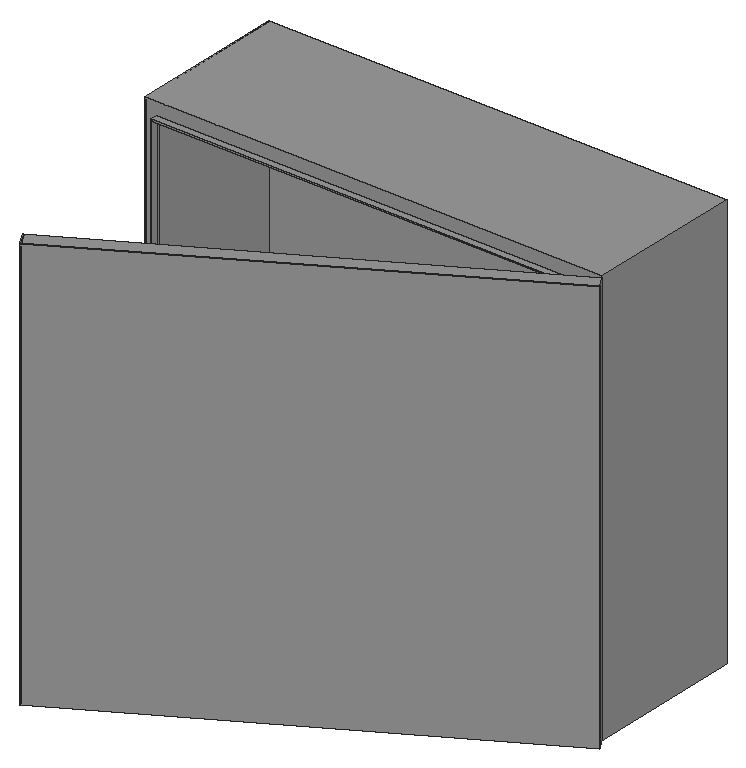
Revit family "Hager-Univers-IP44-D205-H500-Cl.II-Encl-NoHosted-FR-fr", category Electrical Equipment, Revit 2020
Family settings
  Panel Configuration = Two Columns, Circuits Across
  Round Connector Dimension = Use Diameter
  Part Type = Panelboard
  Work Plane-Based = Yes
  Always vertical = Yes
  Cut with Voids When Loaded = No
  Shared = No
  Room Calculation Point = No
Parameters (values of type "saillie IP44 L550 H500 P205  - FP32QS")
  Width Control [instance] = if([EF000008 - largeur] > Min Width, [EF000008 - largeur], Min Width)  # 550 mm
  Type Comments = [HG000003 - Gamme]  # "Univers"
  Thickness Door [instance] = if([EF009171 - épaisseur de matériau de la porte/du couvercle] > 3 mm, 3 mm, [EF009171 - épaisseur de matériau de la porte/du couvercle])  # 1 mm
  Seal Frame Offset [instance] = 17 mm  # constant formula
  Plinth Visibility [instance] = [HG000027 - Hauteur du socle] > 0 mm  # no
  Min Width [instance] = 100 mm  # constant formula
  Min Depth [instance] = (2 * [EF009170 - épaisseur de matériau du boîtier]) + 1 mm  # 3 mm
  Min Height [instance] = 100 mm  # constant formula
  Internal Frame Depth [instance] = (Door System Depth * 0.5)  # 9 mm
  Panel Name [instance] = ""  # (empty or 0)
  Model = ""
  HG000027 - Hauteur du socle = 0 mm
  HG000026 - Installation au sol = no
  HG000024 - Hauteur de la section basse = 600 mm
  HG000023 - Armoire double section = no
  HG000016 - Visibilité de la porte 3D [instance] = yes
  HG000015 - Visibilité de l'emprise de la porte [instance] = no
  HG000014 - Porte à droite [instance] = yes
  HG000013 - Porte à gauche [instance] = not([HG000014 - Porte à droite])  # no
  HG000012 - Angle de pivotement de la porte [instance] = 30.00°
  HG000010 - Portes asymétriques = no
  HG000009 - Porte à double battant = no
  HG000006 - Encastré = no
  HG000004 - Référence fabricant = "FP32QS"
  HG000003 - Gamme = "Univers"
  HG000002 - avec porte = yes
  Frame Offset Bottom [instance] = 10 mm  # constant formula
  Frame Offset [instance] = 15 mm  # constant formula
  EF015940 - couvercle avec décharge de pression = no
  EF011959 - degré de protection (NEMA) = ""
  EF009554 - nombre d'ouvertures pour plaques à bride = 4
  EF009212 - finition du couvercle = "EV000116 - fermé"
  EF009171 - épaisseur de matériau de la porte/du couvercle = 1 mm
  EF009170 - épaisseur de matériau du boîtier = 1 mm
  EF008873 - courant nominal (In) = 250 A
  EF007800 - adapté à un parafoudre = no
  EF006306 - avec serrure = no
  EF006244 - couvercle/porte transparent(e) = no
  EF005474 - indice de protection (IP) = "EV006418 - IP44"
  EF004464 - type de porte = "EV002646 - unique"
  EF004427 - nombre de modules = 72
  EF004293 - indice de protection contre les chocs (IK) = "EV006815 - IK09"
  EF003532 - convient pour utilisation à l’extérieur = no
  EF002950 - largeur en nombre de modules = 24
  EF001613 - maintien de fonction = "EV000494 - sans"
  EF001596 - matériau du boîtier/corps = "EV000179 - acier"
  EF001131 - profondeur intérieure = 143 mm
  EF001088 - possibilité de montage en saillie = yes
  EF000437 - nombre d'entrées de conduit = 4
  EF000339 - type de capot = "EV001012 - couvercle"
  EF000266 - nombre de rangées = 3
  EF000218 - profondeur d'encastrement = 0 mm
  EF000118 - avec cadre/support de montage = no
  EF000116 - numéro RAL = "9010"
  EF000049 - profondeur = 205 mm
  EF000040 - hauteur = 500 mm
  EF000008 - largeur = 550 mm
  EF000007 - couleur = "EV000202 - blanc"
  EF000003 - mode de pose = "EV000384 - saillie"
  Door System Leaf Tolerance [instance] = 1.5 mm  # constant formula
  Door System Depth [instance] = 18 mm  # constant formula
  Door Height [instance] = Height Control - [HG000027 - Hauteur du socle]  # 500 mm
  Description = ""
  Default Elevation = 1219.2 mm
  Connector Offset [instance] = Height Control / 2  # 250 mm
  Manufacturer = "Hager"  # constant formula
  Height Control [instance] = if([EF000040 - hauteur] > Min Height, [EF000040 - hauteur], Min Height)  # 500 mm
  Depth Control [instance] = if([EF000049 - profondeur] > Min Depth, [EF000049 - profondeur], Min Depth)  # 205 mm
  Bottom Top Plate Trim [instance] = 1.5 mm  # constant formula
  Plinth height Ctrl [instance] = if([HG000027 - Hauteur du socle] > 0 mm, [HG000027 - Hauteur du socle], 12 mm)  # 12 mm
Types (2, lengths in mm): name | Width Control | HG000004 - Référence fabricant | EF009554 - nombre d'ouvertures pour plaques à bride | EF004427 - nombre de modules | EF002950 - largeur en nombre de modules | EF000437 - nombre d'entrées de conduit | EF000008 - largeur
  saillie IP44 L300 H500 P205  - FP31QS | 300 | "FP31QS" | 2 | 36 | 12 | 2 | 300
  saillie IP44 L550 H500 P205  - FP32QS | 550 | "FP32QS" | 4 | 72 | 24 | 4 | 550
Reference planes
  plane 1 "Center (Front/Back)": y = 0
  plane 2: z = 0
  plane 3 "Center (Left/Right)": x = 0
  plane 4: y = 0
  plane 5: y = 0
  plane 6: z = 0
  plane 7: x = -275
  plane 8: x = 275
  plane 9: x = 274
  plane 10: x = -274
  plane 11: z = 0
  plane 12: z = 1
  plane 13: y = -205
  plane 14: y = -1
  plane 15: x = 0
  plane 16: y = -187
  plane 17: y = -204
  plane 18: y = -186
  plane 19: x = -259
  plane 20: x = 259
  plane 21: z = 11
  plane 22: x = -258
  plane 23: x = 258
  plane 24: z = 0
  plane 25: z = 500
  plane 26: z = 500
  plane 27: z = 484
  plane 28: z = 499
Forms (mm)
  Extrusion 1, solid, material "Hager_Steel_RAL7035_Light_Grey", detail levels medium+fine
    sketch origin (-208.679, -4572, 0) x (-1, 0, 0) y (0, -1, 0)
      loop
        line (66.321, -4385) -> (-483.679, -4385) -> (-483.679, -4572) -> (66.321, -4572) -> (66.321, -4385)
    from 0 to 500
  Extrusion 2, void
    sketch origin (-350.771, -205, 1219.2) x (1, 0, 0) y (0, 0, 1)
      loop
        line (76.771, -720.2) -> (76.771, -1218.2) -> (624.771, -1218.2) -> (624.771, -720.2) -> (76.771, -720.2)
    from -19 to -204
  Extrusion 3, void
    sketch origin (-290.084, -187, 1219.2) x (1, 0, 0) y (0, 0, 1)
      loop
        line (31.084, -1208.2) -> (549.084, -1208.2) -> (549.084, -735.2) -> (31.084, -735.2) -> (31.084, -1208.2)
    from 0 to -1
  Extrusion 4, solid, material "Hager_Steel_RAL7035_Light_Grey", visible <- "Plinth Visibility", detail levels medium+fine
    sketch origin (0, 0, 0) x (1, 0, 0) y (0, 1, 0)
      loop
        line (-275, 0) -> (-275, -187) -> (275, -187) -> (275, 0) -> (-275, 0)
    from 0 to 12 <- "Plinth height Ctrl"
  Extrusion 5, solid, material "Hager_Steel_RAL7035_Light_Grey", detail levels coarse
    sketch origin (0, 0, 0) x (1, 0, 0) y (0, 1, 0)
      loop
        line (-275, 0) -> (-275, -205) -> (275, -205) -> (275, 0) -> (-275, 0)
    from 0 to 500 <- "Height Control"
  Sweep 6, void
    path in 3D
      loop
        line (-275, -187, 12) -> (275, -187, 12) -> (275, 0, 12) -> (-275, 0, 12) -> (-275, -187, 12)
    profile origin (-275, -93.5, 12) x (1, 0, 0) y (0, 0, 1)
      loop
        line (0, 0) -> (0, -1.5) -> (1.5, -1.5)
        arc (1.5, -1.5) -> (1.061, -0.439) -> (0, 0) r 1.5
  Extrusion 7, solid, material "Hager_Steel_RAL7035_Light_Grey", detail levels fine
    sketch origin (-275, -187, 0) x (1, 0, 0) y (0, 0, 1)
      loop
        line (16, 11) -> (534, 11) -> (534, 484) -> (16, 484) -> (16, 11)
      loop
        line (15, 10) -> (535, 10) -> (535, 485) -> (15, 485) -> (15, 10)
    from 0 to 9 <- "Internal Frame Depth"
Cuts and joins
  Extrusion 2, Extrusion 3 cuts Extrusion 1
  Sweep 6 cuts Extrusion 4
Lines and regions (mm)
  Masking region 1
    outline origin (0, 0, 0) x (1, 0, 0) y (0, 1, 0)
      loop
        line (-275, 0) -> (-275, -205) -> (275, -205) -> (275, 0) -> (-275, 0)
  Masking region 2, detail levels coarse
    outline origin (-290.084, -187, 1219.2) x (-1, 0, 0) y (0, 0, 1)
      loop
        line (-565.084, -1219.2) -> (-15.084, -1219.2) -> (-15.084, -719.2) -> (-565.084, -719.2) -> (-565.084, -1219.2)
  Masking region 3, detail levels coarse
    outline origin (0, 0, 0) x (0, 1, 0) y (0, 0, 1)
      loop
        line (0, 0) -> (0, 500) -> (-205, 500) -> (-205, 0) -> (0, 0)
  Masking region 4, visible <- "Plinth Visibility", detail levels medium+fine
    outline origin (0, 0, 0) x (0, 1, 0) y (0, 0, 1)
      loop
        line (-1.5, 12) -> (-185.5, 12)
        arc (-185.5, 12) -> (-185.939, 10.939) -> (-187, 10.5) r 1.5
        line (-187, 10.5) -> (-187, 0) -> (0, 0) -> (0, 10.5)
        arc (0, 10.5) -> (-1.061, 10.939) -> (-1.5, 12) r 1.5
  Masking region 5, detail levels medium+fine
    outline origin (0, 0, 594.038) x (0, 1, 0) y (0, 0, 1)
      loop
        line (0, -594.038) -> (0, -94.038) -> (-187, -94.038) -> (-187, -594.038) -> (0, -594.038)
  Masking region 6, detail levels medium+fine
    outline origin (-359.7, -187, 1211.883) x (-1, 0, 0) y (0, 0, 1)
      loop
        line (-634.7, -1211.883) -> (-84.7, -1211.883) -> (-84.7, -711.883) -> (-634.7, -711.883) -> (-634.7, -1211.883)
  Masking region 7, visible <- "Plinth Visibility", detail levels medium+fine
    outline origin (-320.334, -187, 1041.368) x (-1, 0, 0) y (0, 0, 1)
      loop
        line (-595.334, -1041.368) -> (-45.334, -1041.368) -> (-45.334, -1030.868)
        arc (-45.334, -1030.868) -> (-46.394, -1030.429) -> (-46.834, -1029.368) r 1.5
        line (-46.834, -1029.368) -> (-593.834, -1029.368)
        arc (-593.834, -1029.368) -> (-594.273, -1030.429) -> (-595.334, -1030.868) r 1.5
        line (-595.334, -1030.868) -> (-595.334, -1041.368)
  sketch lines
    curve 1: line (-275, 0, 12) -> (-275, -187, 12)
    curve 2: line (-275, -187, 12) -> (275, -187, 12)
    curve 3: line (275, 0, 12) -> (-275, 0, 12)
    curve 4: line (275, -187, 12) -> (275, 0, 12)
Dimensions and locks
  locked: plane 1 "Center (Front/Back)" to plane 5
  "EF009170 - épaisseur de matériau du boîtier": plane 7 to plane 10
  "EF009170 - épaisseur de matériau du boîtier": plane 8 to plane 9
  equal spacing: plane 7, plane 3 "Center (Left/Right)", plane 8
  "Width Control": plane 7 to plane 8
  "Depth Control": plane 4 to plane 13
  "EF009170 - épaisseur de matériau du boîtier": plane 4 to plane 14
  "Height Control": plane 25 to level
  "HG000027 - Hauteur du socle": plane 11 to level
  "EF009170 - épaisseur de matériau du boîtier": plane 12 to plane 11
  "EF009170 - épaisseur de matériau du boîtier": plane 17 to plane 13
  "EF009170 - épaisseur de matériau du boîtier": plane 18 to plane 16
  "Frame Offset Bottom": plane 21 to plane 12
  "Frame Offset": plane 10 to plane 19
  "Frame Offset": plane 9 to plane 20
  "Door System Depth": plane 16 to plane 13
  "Seal Frame Offset": plane 7 to plane 22
  "Seal Frame Offset": plane 8 to plane 23
  "EF009170 - épaisseur de matériau du boîtier": plane 26 to plane 28
  "Frame Offset": plane 28 to plane 27
  "Connector Offset": plane 2 to connector elem
  "Bottom Top Plate Trim": profile plane to Sweep 6 sketch curve
  "Bottom Top Plate Trim": Sweep 6 sketch curve to Sweep 6 sketch curve
  "Plinth height Ctrl": Masking region 4 sketch curve to level
  "Plinth height Ctrl": Masking region 7 sketch curve to level
  "Thickness Door": Extrusion 7 sketch curve to Extrusion 7 sketch curve  (x4)
  "Bottom Top Plate Trim": radius of Sweep 6 sketch curve
  "Bottom Top Plate Trim": radius of Masking region 4 sketch curve  (x2)
  "Bottom Top Plate Trim": radius of Masking region 7 sketch curve  (x2)
  aligned and locked: Extrusion 2 sketch curve to plane 12
  aligned and locked: Extrusion 2 sketch curve to plane 9
  aligned and locked: Extrusion 2 sketch curve to plane 10
  aligned and locked: plane 14 to Extrusion 2
  aligned and locked: plane 4 to Extrusion 1 sketch curve
  aligned and locked: plane 8 to Extrusion 1 sketch curve
  aligned and locked: plane 7 to Extrusion 1 sketch curve
  aligned and locked: Extrusion 2 to plane 18
  aligned and locked: plane 19 to Extrusion 3 sketch curve
  aligned and locked: plane 20 to Extrusion 3 sketch curve
  aligned and locked: Extrusion 3 to Extrusion 2
  aligned and locked: Extrusion 3 sketch curve to plane 21
  aligned and locked: plane 3 "Center (Left/Right)" to nested 1
  aligned and locked: Extrusion 1 sketch curve to plane 16
  aligned and locked: Extrusion 4 sketch curve to cut or joined group of Extrusion 1, Extrusion 2, Extrusion 3
  aligned and locked: Masking region 1 sketch curve to plane 7
  aligned and locked: Masking region 1 sketch curve to plane 5
  aligned and locked: Masking region 1 sketch curve to plane 8
  aligned and locked: Masking region 2 sketch curve to level
  aligned and locked: level to Masking region 3 sketch curve
  aligned and locked: plane 1 "Center (Front/Back)" to Masking region 3 sketch curve
  aligned and locked: plane 13 to Masking region 3 sketch curve
  aligned and locked: plane 5 to Masking region 4 sketch curve
  aligned and locked: Masking region 2 sketch curve to plane 8
  aligned and locked: Masking region 2 sketch curve to plane 7
  aligned and locked: plane 7 to nested 2
  aligned and locked: nested 2 to plane 5
  aligned and locked: plane 5 to Masking region 5 sketch curve
  aligned and locked: plane 26 to Masking region 5 sketch curve
  aligned and locked: Extrusion 5 sketch curve to plane 8
  aligned and locked: Extrusion 5 sketch curve to plane 7
  aligned and locked: Extrusion 5 sketch curve to plane 5
  aligned and locked: Extrusion 3 sketch curve to plane 27
  aligned and locked: Extrusion 2 sketch curve to plane 28
  aligned and locked: Masking region 2 to plane 25
  aligned and locked: Extrusion 4 to plane 16
  aligned and locked: profile plane to Sweep 6 sketch curve
  aligned and locked: Masking region 5 sketch curve to plane 24
  aligned and locked: level to Masking region 4 sketch curve
  aligned and locked: Masking region 1 to plane 13
  aligned and locked: nested 1 to plane 16
  aligned and locked: Masking region 3 to plane 25
  aligned and locked: plane 16 to Masking region 4 sketch curve
  aligned and locked: Masking region 5 sketch curve to plane 16
  aligned and locked: plane 24 to plane 11
  aligned and locked: plane 26 to plane 25
  aligned and locked: plane 26 to cut or joined group of Extrusion 1, Extrusion 2, Extrusion 3
  aligned and locked: nested 1 to plane 24
  aligned and locked: Extrusion 1 to Extrusion 3
  aligned and locked: Masking region 6 sketch curve to plane 8
  aligned and locked: Masking region 6 sketch curve to plane 24
  aligned and locked: Masking region 6 sketch curve to plane 7
  aligned and locked: Masking region 6 sketch curve to plane 26
  aligned and locked: Masking region 7 sketch curve to plane 7
  aligned and locked: level to Masking region 7 sketch curve
  aligned and locked: Masking region 7 sketch curve to plane 8
  aligned and locked: Extrusion 7 sketch curve to cut or joined group of Extrusion 1, Extrusion 2, Extrusion 3  (x4)
Automatic sketch dimensions
  plane 19 to Extrusion 3 sketch curve = 0 mm
  Extrusion 3 sketch curve to plane 20 = 0 mm
  Extrusion 3 sketch curve to plane 21 = 0 mm
  Extrusion 4 sketch curve to plane 7 = 0 mm
  Extrusion 4 sketch curve to plane 8 = 0 mm
  Extrusion 4 sketch curve to plane 16 = 0 mm
  Masking region 1 sketch curve to plane 13 = 0 mm
  Masking region 2 sketch curve to plane 25 = 0 mm
  Masking region 3 sketch curve to plane 25 = 0 mm
  Extrusion 5 sketch curve to plane 13 = 0 mm
  profile plane to Sweep 6 sketch curve = 0 mm
Nested families
  nested 1: "EC000058_Univers_Door" at (0, -187, 0), Double <- "HG000009 - Porte à double battant", Transparent <- "EF006244 - couvercle/porte transparent(e)", Angle <- "HG000012 - Angle de pivotement de la porte", Door_Right <- "HG000014 - Porte à droite", Assymetrical <- "HG000010 - Portes asymétriques", Door <- "HG000002 - avec porte", Width_Ctrl <- "Width Control", 3d_Door <- "HG000016 - Visibilité de la porte 3D", Clearance <- "HG000015 - Visibilité de l'emprise de la porte", Door_Left <- "HG000013 - Porte à gauche", Width <- "Width Control", Door_Depth <- "Door System Depth", Leaf_Tolerance <- "Door System Leaf Tolerance", Height <- "Door Height", Lock_Visibility <- "EF006306 - avec serrure", Thickness <- "Thickness Door", type "EC000058_Univers_Door", detail levels medium+fine
    with min_wh 3 mm, Width_Ctrl 550 mm, Width 550 mm, Transparent no, Thickness 1 mm, Seal_Material Hager_Rubber, Lock_Visibility no, Lock_Material Hager_Plastic_RAL9005_Jet_Black, Leaf_Width 550 mm, Leaf_Tolerance_External_Sides 0 mm, Leaf_Tolerance 1.5 mm, Leaf_Offset 0 mm, Leaf_Height 497 mm, Leaf_2_Width 550 mm, Leaf_2_Offset 275 mm, Leaf_1_Width 550 mm, Leaf_1_Offset 275 mm, Height_Ctrl 500 mm, Height 500 mm, Glass_Material Hager_Glass, Double_Clearance_Ctrl no, Double no, Door_Right_Ctrl yes, Door_Right yes, Door_Material Hager_Steel_RAL7035_Light_Grey, Door_Left_Ctrl no, Door_Left no, Door_Depth 18 mm, Door yes, Clearance_Material Hager_Clearance, Clearance_Depth 550 mm, Clearance_Ctrl no, Clearance no, Assymetrical no, Angle 30.00°, 3d_Door yes
  nested 2: "Hager_Enclosure_Symbol" at (-275, 0, 0), Height <- "Depth Control", Width <- "Width Control", type "Hager_Enclosure_Symbol"
    with Width_Ctrl 550 mm, Width 550 mm, Height_Ctrl 205 mm, Height 205 mm, A_Width_Int 13.453 mm, A_Width 161.438 mm, A_Height_Ctrl 179.375 mm, A_Height 179.375 mm
Connectors
  electrical at (0, 0, 250)
    settings: on plane 1 "Center (Front/Back)", index 1, voltage 0 V, apparent load 0 VA, apparent load phase1 0 VA, apparent load phase2 0 VA, apparent load phase3 0 VA, power factor 1, load classification "Other", number of poles 1, system type 30, power factor state 1, is connector primary yes, connector utility no, sub classification motor no, connector description ""
Definition of nested family "EC000058_Univers_Door"
  Parameters (values of type "EC000058_Univers_Door")
    min_wh [instance] = (2 * Thickness) + 1 mm  # 11 mm
    Width_Ctrl [instance] = 400 mm
    Width [instance] = 500 mm
    Transparent [instance] = yes
    Thickness [instance] = 5 mm
    Seal_Material [instance] = none
    Lock_Visibility [instance] = yes
    Lock_Material [instance] = none
    Leaf_Width [instance] = if((Width_Ctrl - 2 * Leaf_Tolerance_External_Sides) > 0 mm, (Width_Ctrl - 2 * Leaf_Tolerance_External_Sides), min_wh)  # 400 mm
    Leaf_Tolerance_External_Sides [instance] = 0 mm  # constant formula
    Leaf_Tolerance [instance] = 1.5 mm
    Leaf_Offset [instance] = 0 mm  # constant formula
    Leaf_Height [instance] = if((Height_Ctrl - 2 * Leaf_Tolerance) > 0 mm, (Height_Ctrl - 2 * Leaf_Tolerance), min_wh)  # 497 mm
    Leaf_2_Width [instance] = if(and(and(Double, Assymetrical), Door_Left), (Leaf_Width / 3) - (Leaf_Tolerance / 2), if(and(and(Double, Assymetrical), Door_Right), (Leaf_Width / 3) * 2 - (Leaf_Tolerance / 2), if(and(Double, not(Assymetrical)), (Leaf_Width / 2) - Leaf_Tolerance, Leaf_Width)))  # 400 mm
    Leaf_2_Offset [instance] = if(and(Double, Assymetrical), Leaf_2_Width / 2, if(and(Double, not(Assymetrical)), Leaf_Width / 4, Leaf_Width / 2))  # 200 mm
    Leaf_1_Width [instance] = if(and(and(Double, Assymetrical), Door_Right), (Leaf_Width / 3) - (Leaf_Tolerance / 2), if(and(and(Double, Assymetrical), Door_Left), (Width / 3) * 2 - (Leaf_Tolerance / 2), if(and(Double, not(Assymetrical)), (Leaf_Width / 2) - Leaf_Tolerance, Leaf_Width)))  # 400 mm
    Leaf_1_Offset [instance] = if(and(Double, Assymetrical), Leaf_1_Width / 2, if(and(Double, not(Assymetrical)), Leaf_Width / 4, Leaf_Width / 2))  # 200 mm
    Height_Ctrl [instance] = if(Height > min_wh, Height, min_wh)  # 500 mm
    Height [instance] = 500 mm
    Glass_Material [instance] = none
    Double_Clearance_Ctrl [instance] = and(Double, Clearance)  # no
    Double [instance] = no
    Door_Right_Ctrl [instance] = and(or(Door_Right, Double), Door)  # yes
    Door_Right [instance] = yes
    Door_Material [instance] = none
    Door_Left_Ctrl [instance] = and(or(Door_Left, Double), Door)  # no
    Door_Left [instance] = no
    Door_Depth [instance] = 30 mm
    Door [instance] = yes
    Default Elevation = 1219.2 mm
    Clearance_Material [instance] = none
    Clearance_Depth [instance] = if(Leaf_1_Width > Leaf_2_Width, Leaf_1_Width, Leaf_2_Width)  # 400 mm
    Clearance_Ctrl [instance] = and(not(Double), Clearance)  # yes
    Clearance [instance] = yes
    Assymetrical [instance] = yes
    Angle [instance] = 30.00°
    3d_Door [instance] = yes
  Reference planes
    plane 1 "Center (Front/Back)": y = 0
    plane 2 "Bottom": z = 0
    plane 3 "Center (Left/Right)": x = 0
    plane 4: z = 500
    plane 5: x = -200
    plane 6: x = 200
    plane 7: z = 500
    plane 8: x = -200
    plane 9: z = 0
    plane 10: x = 200
    plane 11: y = 0
    plane 12: z = 1.5
    plane 13: x = -600
    plane 14: y = -400
    plane 15: x = 600
    plane 16: x = 0
    plane 17: x = 0
    plane 18: x = -200
    plane 19: x = 200
    plane 20: z = 498.5
  Forms (mm)
    Extrusion 1, solid, material <- "Clearance_Material", visible <- "Double_Clearance_Ctrl"
      sketch origin (1200, 0, 0) x (1, 0, 0) y (0, 0, -1)
        loop
          line (-1800, -498.5) -> (-600, -498.5) -> (-600, 0) -> (-1800, 0) -> (-1800, -498.5)
      from 0 to -400
  Dimensions and locks
    equal spacing: plane 5, plane 3 "Center (Left/Right)", plane 6
    "Width_Ctrl": plane 5 to plane 6
    "Leaf_Offset": plane 5 to plane 8
    "Leaf_Offset": plane 6 to plane 10
    "Leaf_Offset": plane 9 to level
    "Leaf_Offset": plane 4 to plane 7
    "Height_Ctrl": plane 4 to level
    "Leaf_Tolerance": plane 12 to plane 9
    locked: plane 11 to plane 1 "Center (Front/Back)"
    "Leaf_1_Offset": plane 18 to plane 16
    "Leaf_2_Offset": plane 17 to plane 19
    "Leaf_1_Width": plane 13 to plane 8
    "Leaf_2_Width": plane 10 to plane 15
    "Clearance_Depth": plane 14 to plane 1 "Center (Front/Back)"
    "Leaf_Tolerance_External_Sides": plane 8 to plane 18
    "Leaf_Tolerance_External_Sides": plane 19 to plane 10
    "Leaf_Tolerance": plane 7 to plane 20
    aligned and locked: level to plane 2 "Bottom"
    aligned and locked: nested 1 to plane 16
    aligned and locked: nested 2 to plane 17
    aligned and locked: Extrusion 1 to plane 13
    aligned and locked: plane 15 to Extrusion 1
    aligned and locked: Extrusion 1 to plane 14
    aligned and locked: plane 12 to nested 1
    aligned and locked: nested 2 to plane 12
    aligned and locked: Extrusion 1 to plane 11
    aligned and locked: plane 20 to Extrusion 1
    aligned and locked: nested 2 to plane 11
    aligned and locked: nested 1 to plane 11
  Automatic sketch dimensions
    Extrusion 1 sketch curve to level = 0 mm
    plane 5 to Extrusion 1 sketch curve = 400 mm
    plane 6 to Extrusion 1 sketch curve = 400 mm
    Extrusion 1 sketch curve to plane 4 = 1.5 mm
  Nested families
    nested 1: "EC000058_Univers_Door_Leaf" at (0, 0, 1.5), Width <- "Leaf_1_Width", visible <- "Door_Left_Ctrl", Leaf_Height <- "Leaf_Height", Angle <- "Angle", 3d_Door <- "3d_Door", Transparent <- "Transparent", Clearance Material <- "Clearance_Material", Clearance <- "Clearance_Ctrl", Door_Material <- "Door_Material", Glass_Material <- "Glass_Material", Door_Depth <- "Door_Depth", Lock_Material <- "Lock_Material", Seal_Material <- "Seal_Material", Lock_Visibility <- "Lock_Visibility", Thickness <- "Thickness", type "EC000058_Univers_Door_Leaf"
      with Width 400 mm, Transparent_Glass_Offset 30 mm, Transparent_Ctrl yes, Transparent yes, Thickness 5 mm, Standard no, Seal_Material none, Seal_D2 8 mm, Seal_D1 1 mm, Offset_Internal_Frame 10 mm, Lock_Width 20 mm, Lock_Visibility_3d yes, Lock_Visibility yes, Lock_Thickness_3 3 mm, Lock_Thickness_2 1 mm, Lock_Thickness_1 3 mm, Lock_Radius_Offset_2 16 mm, Lock_Radius_Offset_1 15 mm, Lock_Radius_2 5 mm, Lock_Radius 6 mm, Lock_Offset 5 mm, Lock_Material none, Lock_Height 80 mm, Lock_Cover_Top_Offset_2d 17 mm, Lock_Cover_Height -65 mm, Leaf_Height 497 mm, Internal_Seal_Thickness 8 mm, Internal_Seal_Depth_2 4.5 mm, Internal_Frame_Depth 25 mm, Glass_Thickness -1 mm, Glass_Offset -2 mm, Glass_Material none, Door_Material none, Door_Depth 30 mm, Clearance Material none, Clearance yes, Angle_Ctrl 30.00°, Angle 30.00°, 3d_Door yes
    nested 2: "EC000058_Univers_Door_Leaf" at (0, 0, 1.5) x (-1, 0, 0) z (0, 0, 1), Width <- "Leaf_2_Width", visible <- "Door_Right_Ctrl", Leaf_Height <- "Leaf_Height", Angle <- "Angle", 3d_Door <- "3d_Door", Transparent <- "Transparent", Clearance Material <- "Clearance_Material", Clearance <- "Clearance_Ctrl", Door_Material <- "Door_Material", Glass_Material <- "Glass_Material", Door_Depth <- "Door_Depth", Lock_Material <- "Lock_Material", Seal_Material <- "Seal_Material", Lock_Visibility <- "Lock_Visibility", Thickness <- "Thickness", type "EC000058_Univers_Door_Leaf"
      with Width 400 mm, Transparent_Glass_Offset 30 mm, Transparent_Ctrl yes, Transparent yes, Thickness 5 mm, Standard no, Seal_Material none, Seal_D2 8 mm, Seal_D1 1 mm, Offset_Internal_Frame 10 mm, Lock_Width 20 mm, Lock_Visibility_3d yes, Lock_Visibility yes, Lock_Thickness_3 3 mm, Lock_Thickness_2 1 mm, Lock_Thickness_1 3 mm, Lock_Radius_Offset_2 16 mm, Lock_Radius_Offset_1 15 mm, Lock_Radius_2 5 mm, Lock_Radius 6 mm, Lock_Offset 5 mm, Lock_Material none, Lock_Height 80 mm, Lock_Cover_Top_Offset_2d 17 mm, Lock_Cover_Height -65 mm, Leaf_Height 497 mm, Internal_Seal_Thickness 8 mm, Internal_Seal_Depth_2 4.5 mm, Internal_Frame_Depth 25 mm, Glass_Thickness -1 mm, Glass_Offset -2 mm, Glass_Material none, Door_Material none, Door_Depth 30 mm, Clearance Material none, Clearance yes, Angle_Ctrl 30.00°, Angle 30.00°, 3d_Door yes
  Definition of nested family "EC000058_Univers_Door_Leaf"
    Parameters (values of type "EC000058_Univers_Door_Leaf")
      Width [instance] = 2000 mm
      Transparent_Glass_Offset [instance] = 30 mm
      Transparent_Ctrl [instance] = and(Transparent, [3d_Door])  # yes
      Transparent [instance] = yes
      Thickness [instance] = 5 mm
      Standard [instance] = and(not(Transparent), [3d_Door])  # no
      Seal_Material [instance] = none
      Seal_D2 [instance] = 8 mm  # constant formula
      Seal_D1 [instance] = 1 mm  # constant formula
      Offset_Internal_Frame [instance] = 10 mm  # constant formula
      Lock_Width [instance] = 20 mm  # constant formula
      Lock_Visibility_3d [instance] = and(Lock_Visibility, [3d_Door])  # yes
      Lock_Visibility [instance] = yes
      Lock_Thickness_3 [instance] = 3 mm  # constant formula
      Lock_Thickness_2 [instance] = 1 mm  # constant formula
      Lock_Thickness_1 [instance] = 3 mm  # constant formula
      Lock_Radius_Offset_2 [instance] = Lock_Radius_Offset_1 + 1 mm  # 16 mm
      Lock_Radius_Offset_1 [instance] = 15 mm  # constant formula
      Lock_Radius_2 [instance] = Lock_Radius - 1 mm  # 5 mm
      Lock_Radius [instance] = 6 mm  # constant formula
      Lock_Offset [instance] = 5 mm  # constant formula
      Lock_Material [instance] = none
      Lock_Height [instance] = 80 mm  # constant formula
      Lock_Cover_Top_Offset_2d [instance] = Lock_Radius_Offset_2 + 1 mm  # 17 mm
      Lock_Cover_Height [instance] = -(Lock_Height - Lock_Radius_Offset_1)  # -65 mm
      Leaf_Height [instance] = 2720.336 mm
      Internal_Seal_Thickness [instance] = 8 mm  # constant formula
      Internal_Seal_Depth_2 [instance] = 4.5 mm  # constant formula
      Internal_Frame_Depth [instance] = if(Door_Depth - Thickness > 5 mm, Door_Depth - Thickness, 5 mm)  # 25 mm
      Glass_Thickness [instance] = if(Thickness > 15 mm, Glass_Offset + 10 mm, -1 mm)  # -1 mm
      Glass_Offset [instance] = if(Thickness > 15 mm, -(Thickness + 10 mm) / 2, -2 mm)  # -2 mm
      Glass_Material [instance] = none
      Door_Material [instance] = none
      Door_Depth [instance] = 30 mm
      Default Elevation = 0 mm
      Clearance Material [instance] = none
      Clearance [instance] = yes
      Angle_Ctrl [instance] = if(Angle > 180.00°, 180.00°, Angle)  # 90.00°
      Angle [instance] = 90.00°
      3d_Door [instance] = yes
    Reference planes
      plane 1 "Center (Front/Back)": y = 0
      plane 2: z = 0
      plane 3 "Center (Left/Right)": x = 0
      plane 4: y = 2000
      plane 5: x = -1000
      plane 6: x = 1000
      plane 7: x = -3000
      plane 8: z = 2720.336
      plane 9: z = 30
      plane 10: z = 2690.336
      plane 11: x = 970
      plane 12: x = -970
      plane 13: y = -3
      plane 14: z = 107.833
      plane 15: y = -5
      plane 16: y = -223.314
      plane 17: x = -1000
      plane 18: z = 1360.168
      plane 19: y = 30
    Forms (mm)
      Extrusion 1, solid, material <- "Clearance Material", visible <- "Clearance"
        sketch origin (0, 0, 0) x (1, 0, 0) y (0, 0, 1)
          loop
            line (-3000, 2720.336) -> (-3000, 0) -> (1000, 0) -> (1000, 2720.336) -> (-3000, 2720.336)
        from 0 to -2000
      Extrusion 2, solid, material <- "Door_Material", visible <- "Standard", detail levels medium+fine
        sketch origin (-1000, 0, 0) x (0, 1, 0) y (-1, 0, 0)
          loop
            line (0, 30) -> (0, 25) -> (2000, 25) -> (2000, 30) -> (0, 30)
        from 0 to 2720.336 <- "Leaf_Height"
      Extrusion 3, solid, material <- "Door_Material", visible <- "Transparent_Ctrl", detail levels medium+fine
        sketch origin (-1000, 0, 0) x (0, 1, 0) y (-1, 0, 0)
          loop
            line (0, 25) -> (2000, 25) -> (2000, 30) -> (0, 30) -> (0, 25)
        from 0 to 2720.336 <- "Leaf_Height"
      Extrusion 4, void
        sketch origin (-1025, 2000, 0) x (0, 1, 0) y (0, 0, -1)
          loop
            line (-30, -2690.336) -> (-30, -30) -> (-1970, -30) -> (-1970, -2690.336) -> (-30, -2690.336)
        from 0 to 5 <- "Thickness"
      Sweep 5, solid, material <- "Seal_Material", visible <- "Transparent_Ctrl", detail levels fine
        path in 3D
          loop
            line (-1025, 30, 30) -> (-1025, 30, 2690.336) -> (-1025, 1970, 2690.336) -> (-1025, 1970, 30) -> (-1025, 30, 30)
        profile origin (-1025, 1000, 30) x (1, 0, 0) y (0, 0, 1)
          loop
            line (0, 0) -> (0, -8) -> (1, -8) -> (1, 0) -> (0, 0)
      Extrusion 6, solid, material <- "Glass_Material", visible <- "Transparent_Ctrl", detail levels medium+fine
        sketch origin (-1030, 0, 0) x (0, 1, 0) y (0, 0, -1)
          loop
            line (1970, -2690.336) -> (1970, -30) -> (30, -30) -> (30, -2690.336) -> (1970, -2690.336)
        from -2 <- "Glass_Offset" to -1 <- "Glass_Thickness"
      Extrusion 7, solid, material <- "Door_Material", visible <- "3d_Door", detail levels medium+fine
        sketch origin (-1025, 2000, 0) x (0, -1, 0) y (0, 0, -1)
          loop
            line (0, -2720.336) -> (2000, -2720.336) -> (2000, 0) -> (0, 0) -> (0, -2720.336)
          loop
            line (1995, -5) -> (5, -5) -> (5, -2715.336) -> (1995, -2715.336) -> (1995, -5)
        from 0 to 25 <- "Internal_Frame_Depth"
      Sweep 8, solid, material <- "Seal_Material", visible <- "Transparent_Ctrl", detail levels fine
        path in 3D
          loop
            line (-1025, 0, 0) -> (-1025, 2000, 0) -> (-1025, 2000, 2720.336) -> (-1025, 0, 2720.336) -> (-1025, 0, 0)
        profile origin (-1025, 0, 1360.168) x (1, 0, 0) y (0, 1, 0)
          loop
            line (0, 10) -> (2.975, 10)
            arc (2.975, 10) -> (4.053, 10.447) -> (4.5, 11.525) r 1.525
            line (4.5, 11.525) -> (4.5, 16.527)
            arc (4.5, 16.527) -> (4.069, 17.569) -> (3.027, 18) r 1.473
            line (3.027, 18) -> (0, 18) -> (0, 10)
      Extrusion 9, solid, material <- "Lock_Material", visible <- "Lock_Visibility_3d", detail levels fine
        sketch origin (-1030, 0, 0) x (0, 1, 0) y (0, 0, -1)
          loop
            arc (1993.5, -1400.168) -> (1994.561, -1399.729) -> (1995, -1398.668) r 1.5
            line (1995, -1398.668) -> (1995, -1320.168) -> (1975, -1320.168) -> (1975, -1398.668)
            arc (1975, -1398.668) -> (1975.439, -1399.729) -> (1976.5, -1400.168) r 1.5
            line (1976.5, -1400.168) -> (1993.5, -1400.168)
        from 3 <- "Lock_Thickness_1" to 0
      Blend 10, solid, material <- "Lock_Material", visible <- "Lock_Visibility_3d", detail levels fine
        base sketch origin (-1033, 0, 0) x (0, 1, 0) y (0, 0, -1)
          loop
            line (1975, -1320.168) -> (1975, -1398.668)
            arc (1975, -1398.668) -> (1975.439, -1399.729) -> (1976.5, -1400.168) r 1.5
            line (1976.5, -1400.168) -> (1993.5, -1400.168)
            arc (1993.5, -1400.168) -> (1994.561, -1399.729) -> (1995, -1398.668) r 1.5
            line (1995, -1398.668) -> (1995, -1320.168) -> (1975, -1320.168)
        top sketch origin (-1033, 0, 0) x (0, 1, 0) y (0, 0, -1)
          loop
            line (1976, -1320.168) -> (1976, -1398.668)
            arc (1976, -1398.668) -> (1976.146, -1399.022) -> (1976.5, -1399.168) r 0.5
            line (1976.5, -1399.168) -> (1993.5, -1399.168)
            arc (1993.5, -1399.168) -> (1993.854, -1399.022) -> (1994, -1398.668) r 0.5
            line (1994, -1398.668) -> (1994, -1320.168) -> (1976, -1320.168)
        from 0 to 1 <- "Lock_Thickness_2"
      Blend 11, solid, material <- "Lock_Material", visible <- "Lock_Visibility_3d", detail levels fine
        base sketch origin (-1034, 0, 0) x (0, 1, 0) y (0, 0, -1)
          loop
            line (1978, -1320.168) -> (1978, -1384.168)
            arc (1978, -1384.168) -> (1985, -1391.168) -> (1992, -1384.168) r 7
            line (1992, -1384.168) -> (1992, -1320.168) -> (1978, -1320.168)
        top sketch origin (-1034, 0, 0) x (0, 1, 0) y (0, 0, -1)
          loop
            line (1991, -1320.168) -> (1979, -1320.168) -> (1979, -1383.168)
            arc (1979, -1383.168) -> (1985, -1389.168) -> (1991, -1383.168) r 6
            line (1991, -1383.168) -> (1991, -1320.168)
        from 0 to 3 <- "Lock_Thickness_3"
      Extrusion 12, solid, material <- "Lock_Material", visible <- "Lock_Visibility_3d", detail levels fine
        sketch origin (-1030, 1975, 1320.168) x (1, 0, 0) y (0, -1, 0)
          loop
            line (-7, -19) -> (-7, -1) -> (0, -1) -> (0, 0) -> (-8, 0) -> (-8, -20) -> (0, -20) -> (0, -19) -> (-7, -19)
        from 0 to -65 <- "Lock_Cover_Height"
      Extrusion 13, void
        sketch origin (-1038, 1995, 1320.168) x (-1, 0, 0) y (0, 0, -1)
          loop
            line (-5, -65) -> (0, -65) -> (-5, -60) -> (-5, -65)
        from 0 to 20 <- "Lock_Width"
      Extrusion 14, void
        sketch origin (-1038, 1975, 1320.168) x (0, -1, 0) y (0, 0, -1)
          loop
            circle (-10, -15.995) r 6
          loop
            circle (-10, -15.995) r 5
        from 0 to 2
      Extrusion 15, solid, material <- "Lock_Material", visible <- "Lock_Visibility_3d", detail levels medium
        sketch origin (-1030, 0, 0) x (0, 1, 0) y (0, 0, -1)
          loop
            arc (1993.5, -1400.168) -> (1994.561, -1399.729) -> (1995, -1398.668) r 1.5
            line (1995, -1398.668) -> (1995, -1320.168) -> (1975, -1320.168) -> (1975, -1398.668)
            arc (1975, -1398.668) -> (1975.439, -1399.729) -> (1976.5, -1400.168) r 1.5
            line (1976.5, -1400.168) -> (1993.5, -1400.168)
        from 8 to 0
    Cuts and joins
      Extrusion 4 cuts Extrusion 3
      Extrusion 13, Extrusion 14 cuts Extrusion 9
      Extrusion 14 cuts Blend 11
      Extrusion 13, Extrusion 14 cuts Extrusion 12
      joined: Extrusion 9, Blend 10, Blend 11, Extrusion 12
      Extrusion 14 cuts Extrusion 15
    Lines and regions (mm)
      Masking region 1, visible <- "Lock_Visibility", detail levels fine
        outline origin (0, 0, 0) x (0, 1, 0) y (0, 0, 1)
          loop
            line (30, 1320.168) -> (33, 1320.168) -> (33, 1400.168) -> (30, 1400.168) -> (30, 1320.168)
      Masking region 2, visible <- "Lock_Visibility", detail levels fine
        outline origin (0, 3.143, 0) x (0, 1, 0) y (0, 0, 1)
          loop
            line (29.857, 1354.168) -> (30.857, 1354.168) -> (30.857, 1366.168) -> (29.857, 1366.168) -> (29.857, 1354.168)
      Masking region 3, detail levels medium+fine
        outline origin (0, 0, 0) x (0, 1, 0) y (0, 0, 1)
          loop
            line (0, 0) -> (30, 0) -> (30, 2720.336) -> (0, 2720.336) -> (0, 0)
      Masking region 4, detail levels medium+fine
        outline origin (0, 0, 0) x (1, 0, 0) y (0, 0, 1)
          loop
            line (-1000, 2720.336) -> (-1000, 0) -> (1000, 0) -> (1000, 2720.336) -> (-1000, 2720.336)
      Masking region 5, visible <- "Lock_Visibility", detail levels fine
        outline origin (-47.116, 0, 0) x (1, 0, 0) y (0, 0, 1)
          loop
            arc (1024.616, 1399.168) -> (1023.556, 1398.729) -> (1023.116, 1397.668) r 1.5
            line (1023.116, 1397.668) -> (1023.116, 1320.168) -> (1041.116, 1320.168) -> (1041.116, 1397.668)
            arc (1041.116, 1397.668) -> (1040.677, 1398.729) -> (1039.616, 1399.168) r 1.5
            line (1039.616, 1399.168) -> (1024.616, 1399.168)
      Masking region 6, visible <- "Lock_Visibility", detail levels medium+fine
        outline origin (-25, 0, 0) x (1, 0, 0) y (0, 0, 1)
          loop
            arc (1001.5, 1400.168) -> (1000.439, 1399.729) -> (1000, 1398.668) r 1.5
            line (1000, 1398.668) -> (1000, 1320.168) -> (1020, 1320.168) -> (1020, 1398.668)
            arc (1020, 1398.668) -> (1019.561, 1399.729) -> (1018.5, 1400.168) r 1.5
            line (1018.5, 1400.168) -> (1001.5, 1400.168)
      Masking region 7, visible <- "Lock_Visibility", detail levels fine
        outline origin (-73.735, 0, 0) x (1, 0, 0) y (0, 0, 1)
          loop
            line (1051.735, 1382.168) -> (1065.735, 1382.168) -> (1065.735, 1384.168)
            arc (1065.735, 1384.168) -> (1058.735, 1391.168) -> (1051.735, 1384.168) r 7
            line (1051.735, 1384.168) -> (1051.735, 1382.168)
      Masking region 8, visible <- "Lock_Visibility", detail levels fine
        outline origin (-73.735, 0, 0) x (1, 0, 0) y (0, 0, 1)
          loop
            line (1052.735, 1382.168) -> (1064.735, 1382.168) -> (1064.735, 1383.168)
            arc (1064.735, 1383.168) -> (1058.735, 1389.168) -> (1052.735, 1383.168) r 6
            line (1052.735, 1383.168) -> (1052.735, 1382.168)
      Masking region 9, visible <- "Lock_Visibility", detail levels fine
        outline origin (-25, 0, 0) x (1, 0, 0) y (0, 0, 1)
          loop
            line (1020, 1320.168) -> (1020, 1382.168) -> (1000, 1382.168) -> (1000, 1320.168) -> (1020, 1320.168)
      Masking region 10, detail levels medium+fine
        outline origin (0, 0, 0) x (1, 0, 0) y (0, 0, 1)
          loop
            circle (985, 1335.144) r 6
      Masking region 11, detail levels fine
        outline origin (0, 0, 0) x (1, 0, 0) y (0, 0, 1)
          loop
            circle (985, 1335.144) r 5
      Masking region 12, visible <- "Lock_Visibility", detail levels fine
        outline origin (0, 12.767, 0) x (0, 1, 0) y (0, 0, 1)
          loop
            line (20.233, 1320.168) -> (21.233, 1320.168) -> (21.233, 1399.168) -> (20.233, 1400.168) -> (20.233, 1320.168)
      Masking region 13, visible <- "Lock_Visibility", detail levels fine
        outline origin (0, 13.767, -10) x (0, 1, 0) y (0, 0, 1)
          loop
            line (20.233, 1330.168) -> (23.233, 1330.168) -> (23.233, 1399.168) -> (20.233, 1402.168) -> (20.233, 1330.168)
      Masking region 14, visible <- "Lock_Visibility", detail levels fine
        outline origin (0, 12.767, -10) x (0, 1, 0) y (0, 0, 1)
          loop
            line (20.233, 1330.168) -> (25.233, 1330.168) -> (25.233, 1399.305) -> (20.233, 1394.305) -> (20.233, 1330.168)
      Masking region 15, visible <- "Lock_Visibility", detail levels medium
        outline origin (0, 0, 0) x (0, 1, 0) y (0, 0, 1)
          loop
            line (30, 1320.168) -> (38, 1320.168) -> (38, 1400.168) -> (30, 1400.168) -> (30, 1320.168)
      Masking region 16, visible <- "Lock_Visibility", detail levels fine
        outline origin (-1000, 0, 0) x (0, 1, 0) y (-1, 0, 0)
          loop
            line (1975, 30) -> (1995, 30) -> (1995, 38) -> (1975, 38) -> (1975, 30)
          loop
            line (1979, 37) -> (1976, 37) -> (1976, 34) -> (1978, 34) -> (1979, 37)
          loop
            line (1994, 37) -> (1991, 37) -> (1992, 34) -> (1994, 34) -> (1994, 37)
      Masking region 17, visible <- "Lock_Visibility", detail levels medium
        outline origin (-1000, 0, 0) x (0, 1, 0) y (-1, 0, 0)
          loop
            line (1975, 30) -> (1995, 30) -> (1995, 38) -> (1975, 38) -> (1975, 30)
      symbolic lines
        curve 1: line (1000, 0, 0) -> (-3000, 0, 0)
        curve 2: arc (1000, 0, 0) -> (-1000, 2000, 0) -> (-3000, 0, 0) r 2000
        curve 4: line (-1030, 0, 0) -> (-1030, 2000, 0)
      reference lines
        curve 3: line (-1000, 0, 0) -> (-1000, 2000, 0)
      symbolic lines, detail levels medium+fine
        curve 5: line (-1030, 2000, 0) -> (-1025, 2000, 0)
        curve 7: line (-1025, 0, 0) -> (-1030, 0, 0)
        curve 8: line (-1025, 0, 0) -> (-1000, 0, 0)
        curve 9: line (-1000, 0, 0) -> (-1000, 2000, 0)
        curve 10: line (-1000, 2000, 0) -> (-1025, 2000, 0)
      symbolic lines, detail levels fine
        curve 6: line (-1025, 2000, 0) -> (-1025, 0, 0)
      sketch lines
        curve 11: line (-1025, 0, 2720.336) -> (-1025, 0, 0)
        curve 12: line (-1025, 2000, 0) -> (-1025, 0, 0)
        curve 13: line (-1025, 2000, 2720.336) -> (-1025, 2000, 0)
        curve 14: line (-1025, 0, 2720.336) -> (-1025, 2000, 2720.336)
        curve 15: line (-1025, 1970, 30) -> (-1025, 30, 30)
        curve 16: line (-1025, 30, 30) -> (-1025, 30, 2690.336)
        curve 17: line (-1025, 1970, 2690.336) -> (-1025, 1970, 30)
        curve 18: line (-1025, 30, 2690.336) -> (-1025, 1970, 2690.336)
      symbolic lines, visible <- "Transparent", detail levels medium+fine
        curve 19: line (-970, 0, 2690.336) -> (970, 0, 2690.336)
        curve 20: line (-970, 0, 30) -> (-970, 0, 2690.336)
        curve 21: line (970, 0, 30) -> (-970, 0, 30)
        curve 22: line (970, 0, 2690.336) -> (970, 0, 30)
    Dimensions and locks
      "Width": plane 1 "Center (Front/Back)" to plane 4
      equal spacing: plane 5, plane 3 "Center (Left/Right)", plane 6
      "Width": plane 5 to plane 6
      "Width": plane 7 to plane 5
      "Leaf_Height": plane 8 to level
      "Width": curve 5 to curve 3
      "Width": curve 3 to curve 3
      plane 8 to plane 10 = 30 mm
      plane 9 to level = 30 mm
      plane 12 to plane 5 = 30 mm
      plane 6 to plane 11 = 30 mm
      Extrusion 1 to Extrusion 4 sketch curve = 30 mm
      "Transparent_Glass_Offset": curve 3 to Extrusion 4 sketch curve
      "Transparent_Glass_Offset": Extrusion 4 sketch curve to cut or joined group of Extrusion 3, Extrusion 4  (x2)
      cut or joined group of Extrusion 3, Extrusion 4 to Extrusion 6 sketch curve = 30 mm
      "Transparent_Glass_Offset": cut or joined group of Extrusion 3, Extrusion 4 to Extrusion 4 sketch curve
      "Thickness": curve 6 to curve 4
      "Thickness": Extrusion 7 sketch curve to Extrusion 7 sketch curve  (x4)
      "Door_Depth": curve 4 to curve 3
      "Offset_Internal_Frame": profile plane to Sweep 8 sketch curve
      "Internal_Seal_Thickness": Sweep 8 sketch curve to Sweep 8 sketch curve
      "Internal_Seal_Depth_2": profile plane to Sweep 8 sketch curve
      "Seal_D1": profile plane to Sweep 5 sketch curve
      "Seal_D2": profile plane to Sweep 5 sketch curve
      "Thickness": Extrusion 2 sketch curve to Extrusion 2 sketch curve
      equal spacing: Extrusion 9 sketch curve, plane 18, Extrusion 9 sketch curve  (x2)
      equal spacing: Masking region 1 sketch curve, plane 18, Masking region 1 sketch curve
      "Lock_Height": Masking region 1 sketch curve to Masking region 1 sketch curve
      "Lock_Radius": Masking region 2 sketch curve to plane 18 to Masking region 2 sketch curve
      Masking region 2 sketch curve to Masking region 1 = 1 mm
      "Door_Depth": plane 19 to plane 1 "Center (Front/Back)"
      "Lock_Thickness_1": Masking region 1 sketch curve to plane 19
      "Lock_Width": Extrusion 9 sketch curve to Extrusion 9 sketch curve
      "Lock_Height": Extrusion 9 sketch curve to Extrusion 9 sketch curve
      "Lock_Offset": cut or joined group of Extrusion 3, Extrusion 4 to Extrusion 9 sketch curve
      equal spacing: plane 8, plane 18, level
      "Lock_Radius_Offset_1": Blend 11 sketch curve to Blend 10
      locked: Blend 10 to Blend 11 sketch curve at 2  (x2)
      locked: var sketch to Blend 11 sketch curve at 1  (x2)
      "Lock_Radius_Offset_2": Blend 11 sketch curve to Blend 10
      locked: Extrusion 12 sketch curve to Extrusion 12 sketch curve at 1  (x3)
      Masking region 6 sketch curve to Masking region 6 sketch curve = 80 mm
      "Lock_Height": Masking region 6 sketch curve to Masking region 6 sketch curve
      "Lock_Width": Masking region 6 sketch curve to Masking region 6 sketch curve
      locked: Masking region 6 to Masking region 5 sketch curve at 1  (x3)
      locked: Masking region 5 to Masking region 7 sketch curve at 2  (x2)
      "Lock_Radius_Offset_1": Masking region 5 to Masking region 7 sketch curve
      "Lock_Radius_Offset_2": Masking region 5 to Masking region 8 sketch curve
      locked: Masking region 7 to Masking region 8 sketch curve at 1  (x2)
      "Lock_Cover_Top_Offset_2d": Masking region 5 to Masking region 9 sketch curve
      equal spacing: Masking region 9, Masking region 10 sketch curve, Masking region 9
      equal spacing: Masking region 9, Masking region 11 sketch curve, Masking region 9
      Extrusion 15 sketch curve to Extrusion 15 sketch curve = 80 mm
      "Lock_Width": Extrusion 15 sketch curve to Extrusion 15 sketch curve
      "Lock_Height": Extrusion 15 sketch curve to Extrusion 15 sketch curve
      equal spacing: Extrusion 15 sketch curve, plane 18, Extrusion 15 sketch curve
      "Lock_Thickness_3": Masking region 13 sketch curve to Masking region 13 sketch curve
      "Lock_Height": Masking region 12 sketch curve to Masking region 12 sketch curve
      locked: Masking region 13 sketch curve to Masking region 1 at 8
      locked: Masking region 14 sketch curve to Masking region 13 at 1
      locked: Masking region 14 sketch curve to Masking region 1 at 10.863
      "Lock_Height": Masking region 15 sketch curve to Masking region 15 sketch curve
      "Lock_Offset": Extrusion 15 sketch curve to cut or joined group of Extrusion 3, Extrusion 4
      "Lock_Offset": plane 6 to Masking region 6 sketch curve
      radius of Sweep 8 sketch curve = 1.525 mm
      radius of Sweep 8 sketch curve = 1.473 mm
      radius of Extrusion 9 sketch curve = 1.5 mm  (x2)
      "Lock_Radius": radius of Extrusion 14 sketch curve
      "Lock_Radius_2": radius of Extrusion 14 sketch curve
      "Lock_Radius": radius of Masking region 10 sketch curve
      "Lock_Radius_2": radius of Masking region 11 sketch curve
      radius of Extrusion 15 sketch curve = 1.5 mm  (x2)
      "Angle_Ctrl": angle plane 1 "Center (Front/Back)" to curve 3
      locked: Masking region 12 sketch curve to Masking region 12 sketch curve (angle 45.00°)
      locked: Masking region 13 sketch curve to Masking region 13 sketch curve (angle 45.00°)
      locked: Masking region 14 sketch curve to Masking region 14 sketch curve (angle 45.00°)
      aligned and locked: level to plane 2
      aligned and locked: Extrusion 1 to curve 1
      aligned and locked: plane 6 to Extrusion 1
      aligned and locked: Extrusion 1 to plane 1 "Center (Front/Back)"
      aligned and locked: plane 4 to Extrusion 1
      aligned and locked: plane 8 to Extrusion 1
      aligned and locked: curve 7 to Extrusion 2 sketch curve
      aligned and locked: curve 5 to Extrusion 2 sketch curve
      aligned and locked: curve 7 to Extrusion 3 sketch curve
      aligned and locked: Extrusion 3 sketch curve to curve 4
      aligned and locked: Extrusion 3 sketch curve to curve 6
      aligned and locked: Extrusion 3 sketch curve to curve 5
      aligned and locked: curve 9 to curve 3
      aligned and locked: Extrusion 7 sketch curve to cut or joined group of Extrusion 3, Extrusion 4  (x4)
      aligned and locked: plane 17 to curve 3
      aligned and locked: plane 1 "Center (Front/Back)" to curve 3
      aligned and locked: plane 17 to plane 5
      aligned and locked: Sweep 8 sketch curve to profile plane
      aligned and locked: Sweep 5 sketch curve to profile plane  (x2)
      aligned and locked: Masking region 1 to Masking region 2 sketch curve
      aligned and locked: plane 19 to Masking region 1 sketch curve
      aligned and locked: plane 1 "Center (Front/Back)" to Masking region 3 sketch curve
      aligned and locked: plane 19 to Masking region 3 sketch curve
      aligned and locked: level to Masking region 3 sketch curve
      aligned and locked: Masking region 3 sketch curve to plane 8
      aligned and locked: plane 17 to Masking region 4 sketch curve
      aligned and locked: level to Masking region 4 sketch curve
      aligned and locked: Masking region 4 sketch curve to plane 8
      aligned and locked: plane 12 to curve 20
      aligned and locked: plane 10 to curve 19
      aligned and locked: plane 11 to curve 22
      aligned and locked: curve 21 to plane 9
      aligned and locked: Extrusion 2 sketch curve to cut or joined group of Extrusion 3, Extrusion 4
      aligned and locked: Blend 10 sketch curve to Extrusion 9  (x4)
      aligned and locked: Extrusion 9 to Blend 10 sketch curve
      aligned and locked: Blend 10 to Blend 11 sketch curve
      aligned and locked: Extrusion 12 sketch curve to Blend 11
      aligned and locked: Extrusion 12 sketch curve to Extrusion 9  (x4)
      aligned and locked: Masking region 5 sketch curve to Masking region 6
      aligned and locked: Masking region 9 sketch curve to Masking region 6  (x3)
      aligned and locked: Masking region 12 sketch curve to Masking region 1
      aligned and locked: Masking region 13 sketch curve to Masking region 1
      aligned and locked: Masking region 12 to Masking region 14
      aligned and locked: Masking region 14 sketch curve to Masking region 1
      aligned and locked: Masking region 15 sketch curve to Masking region 14
      aligned and locked: Masking region 13 sketch curve to Masking region 12
      aligned and locked: Masking region 16 sketch curve to cut or joined group of Extrusion 14, Extrusion 15  (x4)
      aligned and locked: Masking region 16 sketch curve to cut or joined group of Extrusion 9, Blend 10, Blend 11, Extrusion 12, Extrusion 13, Extrusion 14  (x6)
      aligned and locked: cut or joined group of Extrusion 9, Blend 10, Blend 11, Extrusion 12, Extrusion 13, Extrusion 14 to Masking region 16 sketch curve
      aligned and locked: Masking region 17 sketch curve to cut or joined group of Extrusion 14, Extrusion 15  (x3)
      aligned and locked: Masking region 17 sketch curve to cut or joined group of Extrusion 9, Blend 10, Blend 11, Extrusion 12, Extrusion 13, Extrusion 14
      aligned and locked: Masking region 9 to Masking region 8 sketch curve
      aligned and locked: Masking region 9 to Masking region 7 sketch curve
    Automatic sketch dimensions
      plane 1 "Center (Front/Back)" to curve 2 = 0 mm
      curve 2 to plane 5 = 0 mm
      Extrusion 1 sketch curve to level = 0 mm
      Extrusion 1 sketch curve to plane 7 = 0 mm
      Extrusion 1 sketch curve to plane 6 = 0 mm
      Extrusion 1 sketch curve to plane 8 = 0 mm
      Extrusion 3 to Extrusion 6 sketch curve = 30 mm  (x4)
      Masking region 4 sketch curve to plane 6 = 0 mm
      Blend 10 sketch curve to Extrusion 9 = 1.5 mm
      Blend 10 sketch curve to Extrusion 9 = 1 mm
      Extrusion 13 sketch curve to Extrusion 12 = 0 mm  (x2)
      Extrusion 12 to Extrusion 13 sketch curve = 3 mm
      Extrusion 13 sketch curve to Extrusion 12 = 5 mm
      Extrusion 14 sketch curve to Extrusion 14 sketch curve = 0 mm  (x2)
      Extrusion 14 sketch curve to Extrusion 12 = 10 mm
      Extrusion 14 sketch curve to Extrusion 12 = 15.995 mm
      Masking region 5 sketch curve to Masking region 5 sketch curve = 1.5 mm  (x2)
      Masking region 10 sketch curve to plane 18 = 25.024 mm
      Masking region 11 sketch curve to plane 18 = 25.024 mm
      plane 19 to Masking region 14 sketch curve = 3 mm
      Masking region 16 sketch curve to Masking region 16 sketch curve = 3 mm
      curve 4 to curve 3 = 0 mm
      Blend 10 to Blend 11 sketch curve = 0 mm
      Masking region 6 sketch curve to Masking region 6 sketch curve = 1.5 mm  (x2)
      Masking region 6 sketch curve to plane 18 = 40 mm
      plane 19 to Masking region 12 sketch curve = 3 mm
      Masking region 12 sketch curve to Masking region 12 sketch curve = 1 mm
      Masking region 15 sketch curve to plane 19 = 0 mm
      Masking region 15 sketch curve to plane 18 = 40 mm
      radius of Blend 10 sketch curve to Extrusion 9 = 1 mm
Definition of nested family "Hager_Enclosure_Symbol"
  Parameters (values of type "Hager_Enclosure_Symbol")
    Width_Ctrl [instance] = if(Width > 1 mm, Width, 1 mm)  # 102.27 mm
    Width [instance] = 102.27 mm
    Height_Ctrl [instance] = if(Height > 1 mm, Height, 1 mm)  # 66.5 mm
    A_Width_Int [instance] = if(A_Width / 12 > 2 mm, A_Width / 12, 2 mm)  # 4.364 mm
    A_Width [instance] = if(A_Height_Ctrl * 0.9 > 2 mm, A_Height_Ctrl * 0.9, 2 mm)  # 52.369 mm
    A_Height_Ctrl [instance] = if(A_Height > 2 mm, A_Height, 2 mm)  # 58.188 mm
    Height [instance] = 66.5 mm
    A_Height [instance] = Height - (Height / 8)  # 58.188 mm
  Reference planes
    plane 1 "Centre (avant/arrière)": y = 0
    plane 2: z = 0
    plane 3 "Centre (gauche/droite)": x = 0
    plane 4: x = 52.369
    plane 5: y = 33.042
    plane 6: y = 41.77
    plane 7: y = 66.5
    plane 8: x = 26.184
    plane 9: y = 37.406
    plane 10: x = 102.27
    plane 11: y = 66.5
    plane 12: y = 8.313
  Lines and regions (mm)
    Filled region 1, type "Solid_Black", in view "Niveau de réf."
      outline origin (0, 0, 0) x (1, 0, 0) y (0, 1, 0)
        loop
          line (52.369, 66.5) -> (33.188, 54.536) -> (45.365, 45.006) -> (52.369, 66.5)
    Filled region 2, type "Solid_Black", in view "Niveau de réf."
      outline origin (0, 0, 0) x (1, 0, 0) y (0, 1, 0)
        loop
          line (0, 0) -> (102.27, 0) -> (102.27, 66.5) -> (0, 0)
    detail lines, in view "Niveau de réf."
      curve 1: line (0, 8.313, 0) -> (26.184, 41.77, 0)
      curve 2: line (26.184, 41.77, 0) -> (26.184, 33.042, 0)
      curve 3: line (26.184, 33.042, 0) -> (52.369, 66.5, 0)
  Dimensions and locks
    "A_Width": plane 3 "Centre (gauche/droite)" to plane 4
    equal spacing: plane 3 "Centre (gauche/droite)", plane 8, plane 4
    equal spacing: plane 6, plane 9, plane 5
    equal spacing: curve 3, Filled region 1 sketch curve, Filled region 1 sketch curve
    "Height_Ctrl": plane 1 "Centre (avant/arrière)" to plane 11
    "A_Height_Ctrl": plane 11 to plane 12
    equal spacing: plane 11, plane 9, plane 12
    "A_Width_Int": plane 6 to plane 9
    "Width_Ctrl": plane 3 "Centre (gauche/droite)" to plane 10
    angle Filled region 1 sketch curve to curve 3 = 20.00°
    angle curve 3 to Filled region 1 sketch curve = 20.00°
    locked: curve 3 to Filled region 1 sketch curve (angle 90.00°)
    aligned and locked: plane 10 to Filled region 2
    aligned and locked: plane 11 to Filled region 2 sketch curve
    aligned and locked: plane 10 to Filled region 2 sketch curve
    aligned and locked: plane 3 "Centre (gauche/droite)" to curve 1
    aligned and locked: plane 12 to curve 1
    aligned and locked: plane 7 to plane 11
  Automatic sketch dimensions
    Filled region 1 sketch curve to plane 4 = 0 mm
    Filled region 1 sketch curve to plane 7 = 0 mm
    plane 1 "Centre (avant/arrière)" to Filled region 2 sketch curve = 0 mm
    Filled region 2 sketch curve to plane 3 "Centre (gauche/droite)" = 0 mm
    curve 2 to plane 6 = 0 mm
    curve 2 to plane 8 = 0 mm
    curve 3 to plane 4 = 0 mm
    curve 2 to plane 5 = 0 mm
    curve 3 to plane 7 = 0 mm
